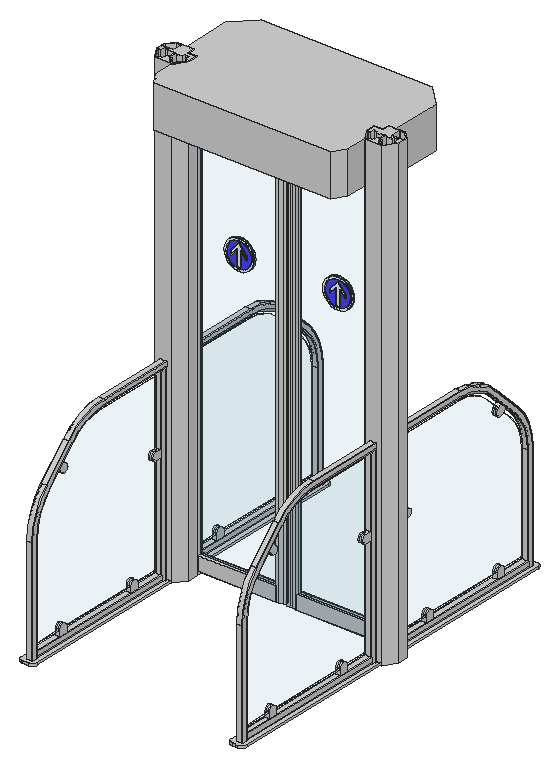
Revit family "ASSA_ABLOY_EL_Single", category Doors, Revit 2020 (continued)
Automatic sketch dimensions
  Extrusion 4 sketch curve to Extrusion 4 sketch curve = 97.172 mm
  curve 82 to curve 38 = 0.00 mm
  curve 38 to curve 83 = 0.00 mm
  curve 91 to curve 38 = 0.00 mm
  curve 83 to curve 38 = 19.042 mm
  curve 38 to curve 82 = 11.041 mm
  curve 38 to curve 91 = 11.041 mm
  curve 79 to curve 26 = 15.00 mm
  curve 78 to curve 1 = 6.897 mm
  curve 78 to curve 38 = 11.041 mm
  curve 78 to curve 78 = 846.634 mm
  curve 78 to curve 81 = 0.00 mm
  curve 80 to curve 81 = 0.002 mm
  curve 80 to curve 79 = 0.00 mm
  curve 81 to curve 81 = 3.001 mm
  curve 6 to curve 16 = 0.00 mm
  curve 9 to curve 10 = 9.50 mm
  curve 82 to curve 91 = 846.634 mm
  curve 91 to curve 88 = 0.00 mm
  curve 88 to curve 90 = 0.002 mm
  curve 89 to curve 90 = 0.00 mm
  curve 88 to curve 88 = 3.001 mm
  curve 86 to curve 38 = 11.00 mm
  curve 87 to curve 86 = 347.716 mm
  curve 82 to curve 86 = 0.00 mm
  curve 86 to curve 85 = 0.002 mm
  curve 85 to curve 83 = 0.00 mm
  curve 85 to curve 85 = 2.999 mm
  curve 38 to curve 79 = 19.042 mm
  curve 83 to curve 85 = 0.042 mm
  curve 79 to curve 80 = 0.042 mm
  curve 90 to curve 89 = 0.042 mm
  curve 80 to curve 77 = 2.958 mm
  curve 85 to curve 84 = 2.958 mm
  curve 89 to curve 87 = 2.958 mm
  curve 88 to curve 91 = 3.042 mm
  curve 86 to curve 86 = 3.001 mm
  curve 81 to curve 78 = 3.042 mm
  curve 81 to curve 77 = 0.042 mm
  curve 88 to curve 88 = 0.042 mm
  curve 93 to curve 60 = 6.897 mm
  curve 92 to curve 42 = 15.00 mm
  curve 39 to curve 96 = 11.00 mm
  curve 96 to curve 93 = 846.634 mm
  curve 96 to curve 93 = 0.00 mm
  curve 95 to curve 96 = 0.002 mm
  curve 92 to curve 95 = 0.00 mm
  curve 95 to curve 95 = 2.999 mm
  curve 39 to curve 106 = 0.21 mm
  curve 39 to curve 97 = 0.21 mm
  curve 98 to curve 106 = 0.00 mm
  curve 105 to curve 97 = 0.00 mm
  curve 39 to curve 103 = 7.998 mm
  curve 98 to curve 103 = 846.634 mm
  curve 103 to curve 106 = 0.00 mm
  curve 103 to curve 104 = 0.002 mm
  curve 105 to curve 104 = 0.00 mm
  curve 103 to curve 103 = 3.001 mm
  curve 39 to curve 101 = 7.998 mm
  curve 102 to curve 101 = 347.716 mm
  curve 101 to curve 98 = 0.00 mm
  curve 101 to curve 97 = 0.002 mm
  curve 97 to curve 100 = 0.00 mm
  curve 101 to curve 101 = 3.001 mm
  curve 39 to curve 93 = 11.041 mm
  curve 106 to curve 103 = 3.042 mm
  curve 98 to curve 101 = 3.042 mm
  curve 98 to curve 101 = 0.041 mm
  curve 106 to curve 103 = 0.041 mm
  curve 96 to curve 96 = 2.959 mm
  curve 104 to curve 39 = 16.001 mm
  curve 100 to curve 39 = 16.001 mm
  curve 95 to curve 39 = 16.001 mm
  curve 104 to curve 102 = 0.041 mm
  curve 95 to curve 95 = 0.041 mm
  curve 100 to curve 99 = 0.041 mm
  curve 95 to curve 92 = 0.042 mm
  curve 104 to curve 105 = 0.042 mm
  curve 97 to curve 105 = 0.00 mm
  plane 1 "Entry" to Extrusion 47 sketch curve = 155.03 mm
  Extrusion 47 sketch curve to Extrusion 47 sketch curve = 13.25 mm
  Extrusion 48 sketch curve to plane 15 = 349.10 mm
  Extrusion 48 sketch curve to Extrusion 48 sketch curve = 23.33 mm
Nested families
  nested 1: "Panel" at (-473.1, 0, 0), type "Left"
    with PanelWidth 473.10 mm, OpeningRotationAngle 0.00°, Exit yes
  nested 2: "Panel" at (473.1, 0, 0) x (-1, 0, 0) z (0, 0, 1), type "Right"
    with RightPanel yes, PanelWidth 473.10 mm, OpeningRotationAngle 0.00°, LeftPanel no, Exit yes
  nested 3: "Extended" at (0, 0, 0), visible <- "Extended", type "Extended"
    with PassageWidth 900.00 mm, PanelWidth 442.75 mm
Definition of nested family "Panel"
  Parameters
    Width = 0.00 mm
    URL = ""
    Type Comments = ""
    Thickness = 0.00 mm
    Rubber = none
    Rough Width = 0.00 mm
    Rough Height = 0.00 mm
    RightPanel = no
    PassageHeight = 2150.00 mm
    PanelWidth = 449.75 mm
    PanelGlass = none
    Operation = "Automatic"
    OpeningRotationAngle = 45.00°
    Model = ""
    Manufacturer = ""
    LeftPanel = not(RightPanel)  # yes
    Keynote = ""
    Height = 0.00 mm
    Function = (empty or 0)
    Frames = none
    Exit = no
    Entry = yes
    Description = ""
    Default Elevation = 1219.20 mm
    Cost = 0
    Construction Type = ""
    Assembly Code = ""
  Reference planes
    plane 1 "Center (Front/Back)": y = 0
    plane 2: z = 0
    plane 3 "Center (Left/Right)": x = 0
    plane 4 "Top": z = 2150
    plane 5: z = 2143
    plane 6: z = 20
    plane 7 "Exit": y = 8
    plane 8: z = 2114
    plane 9: z = 49
  Forms (mm)
    Sweep 1, solid, material <- "Frames"
      path origin (0, 0, 0) x (0.707107, 0.707107, 0) y (0, 0, 1)
        loop
          line (0, 2150) -> (0, 0)
      profile origin (0, 0, 1075) x (0.707107, -0.707107, 0) y (0.707107, 0.707107, 0)
        loop
          arc (-15, 13.229) -> (0, -20) -> (15, 13.229) r 20
          line (15, 13.229) -> (15, 23) -> (2, 23) -> (2, 11.4) -> (-12, 11.4) -> (-12, 23) -> (-15, 23) -> (-15, 13.229)
    Sweep 2, solid, material <- "Frames", visible <- "LeftPanel"
      path origin (0, 0, 0) x (0.707107, 0.707107, 0) y (0, 0, 1)
        loop
          line (449.75, 2143) -> (449.75, 20)
      profile origin (318.021, 318.021, 1081.5) x (0.707107, -0.707107, 0) y (0.707107, 0.707107, 0)
        loop
          line (-12, -39.05) -> (1.998, -39.05) -> (1.998, -50.643) -> (14.998, -50.643) -> (14.998, -35.65) -> (11.459, -13.245) -> (4, -7.655) -> (4, 7.349) -> (-4.002, 7.349) -> (-4.002, -7.655) -> (-11.461, -13.245) -> (-15.001, -35.65) -> (-15.001, -50.643) -> (-12, -50.643) -> (-12, -39.05)
    Sweep 3, solid, material <- "Frames"
      path origin (0, 0, 0) x (0.707107, 0.707107, 0) y (-0.707107, 0.707107, 0)
        loop
          line (399.107, 0) -> (23, 0)
      profile origin (149.237, 149.237, 0) x (0.707107, -0.707107, 0) y (0, 0, 1)
        loop
          line (-15, 90) -> (-15, 20) -> (-12, 20) -> (-12, 33) -> (12, 33) -> (12, 20) -> (15, 20) -> (15, 90) -> (2, 90) -> (2, 45.4) -> (-12, 45.4) -> (-12, 90) -> (-15, 90)
    Sweep 4, solid, material <- "Rubber"
      path origin (0, 0, 0) x (0.707107, 0.707107, 0) y (-0.707107, 0.707107, 0)
        loop
          line (399.107, 0) -> (33.008, 0)
      profile origin (152.776, 152.776, 0) x (0.707107, -0.707107, 0) y (0, 0, 1)
        loop
          line (-12, 20) -> (-1.235, 20) -> (-0.472, 7) -> (0.472, 7) -> (1.235, 20) -> (12, 20) -> (12, 30.5) -> (0, 30.5) -> (-12, 30.5) -> (-12, 20)
    Sweep 5, solid, material <- "Frames"
      path origin (0, 0, 2150) x (0.707107, -0.707107, 0) y (0.707107, 0.707107, 0)
        loop
          line (0, 399.107) -> (0, 23)
      profile origin (149.237, 149.237, 2150) x (0.707107, -0.707107, 0) y (0, 0, 1)
        loop
          line (-15, -77) -> (-12, -77) -> (-12, -32.4) -> (2, -32.4) -> (2, -77) -> (15, -77) -> (15, -7) -> (12, -7) -> (12, -20) -> (-12, -20) -> (-12, -7) -> (-15, -7) -> (-15, -77)
    Extrusion 6, solid, material <- "PanelGlass"
      sketch origin (0, 0, 0) x (0.707107, 0.707107, 0) y (-0.707107, 0.707107, 0)
        loop
          line (407.1, 0) -> (407.1, 8) -> (15, 8) -> (15, 0) -> (407.1, 0)
      from 49 to 2114
    Sweep 7, solid, visible <- "Entry"
      path origin (0, 0, 0) x (0.707107, 0.707107, 0) y (-0.707107, 0.707107, 0)
        loop
          line (211.053, 0) -> (211.053, -1.002)
      profile origin (149.592, 148.883, 0) x (0.707107, 0.707107, 0) y (0, 0, 1)
        loop
          circle (0, 1520) r 75
        loop
          circle (0, 1520) r 65
        loop
          line (10, 1465) -> (10, 1543.636) -> (40, 1507.883) -> (40, 1527.33) -> (0, 1575) -> (-40, 1527.33) -> (-40, 1507.883) -> (-10, 1543.636) -> (-10, 1465) -> (10, 1465)
    Sweep 8, solid, visible <- "Exit"
      path origin (0, 0, 0) x (0.707107, 0.707107, 0) y (-0.707107, 0.707107, 0)
        loop
          line (211.053, 9) -> (211.053, 8)
      profile origin (143.227, 155.248, 0) x (0.707107, 0.707107, 0) y (0, 0, 1)
        loop
          circle (0, 1520) r 75
        loop
          circle (0, 1520) r 65
        loop
          line (55, 1530) -> (-55, 1530) -> (-55, 1510) -> (55, 1510) -> (55, 1530)
    Sweep 9, solid, visible <- "Entry"
      path origin (0, 0, 0) x (0.707107, 0.707107, 0) y (-0.707107, 0.707107, 0)
        loop
          line (211.053, 0) -> (211.053, -1.002)
      profile origin (149.592, 148.883, 0) x (0.707107, 0.707107, 0) y (0, 0, 1)
        loop
          circle (0, 1520) r 65
        loop
          line (10, 1465) -> (10, 1543.636) -> (40, 1507.883) -> (40, 1527.33) -> (0, 1575) -> (-40, 1527.33) -> (-40, 1507.883) -> (-10, 1543.636) -> (-10, 1465) -> (10, 1465)
    Sweep 10, solid, visible <- "Exit"
      path origin (0, 0, 0) x (0.707107, 0.707107, 0) y (-0.707107, 0.707107, 0)
        loop
          line (211.053, 9) -> (211.053, 8)
      profile origin (143.227, 155.248, 0) x (0.707107, 0.707107, 0) y (0, 0, 1)
        loop
          circle (0, 1520) r 65
        loop
          line (55, 1530) -> (-55, 1530) -> (-55, 1510) -> (55, 1510) -> (55, 1530)
    Sweep 11, solid, material <- "Frames", visible <- "RightPanel"
      path origin (0, 0, 0) x (0.707107, 0.707107, 0) y (0, 0, 1)
        loop
          line (449.75, 2143) -> (449.75, 20)
      profile origin (318.021, 318.021, 1081.5) x (0.707107, -0.707107, 0) y (0.707107, 0.707107, 0)
        loop
          line (-12.001, -39.05) -> (1.998, -39.05) -> (1.998, -50.643) -> (14.998, -50.643) -> (14.998, -35.65) -> (11.997, -16.65) -> (11.997, -2.65)
          arc (11.997, -2.65) -> (9.768, 2.472) -> (4.5, 4.332) r 7
          line (4.5, 4.332) -> (4.5, -14.15) -> (-4.5, -14.15) -> (-4.5, 4.332)
          arc (-4.5, 4.332) -> (-9.769, 2.473) -> (-11.999, -2.65) r 7
          line (-11.999, -2.65) -> (-11.999, -16.65) -> (-15.001, -35.65) -> (-15.001, -50.643) -> (-12.001, -50.643) -> (-12.001, -39.05)
  Lines and regions (mm)
    Masking region 1
      outline origin (0, 0, 0) x (0.707107, 0.707107, 0) y (-0.707107, 0.707107, 0)
        loop
          arc (13.229, 15) -> (-20, 0) -> (13.229, -15) r 20
          line (13.229, -15) -> (23, -15) -> (23, 15) -> (13.229, 15)
    Masking region 2
      outline origin (0, 0, 0) x (0.707107, 0.707107, 0) y (-0.707107, 0.707107, 0)
        loop
          line (23, -15) -> (399.107, -15) -> (399.107, 15) -> (23, 15) -> (23, -15)
    Masking region 3, visible <- "LeftPanel", detail levels fine
      outline origin (0, 0, 0) x (0.707107, 0.707107, 0) y (-0.707107, 0.707107, 0)
        loop
          line (399.107, -14.998) -> (414.1, -14.998) -> (436.505, -11.459) -> (442.095, -4) -> (457.099, -4) -> (457.099, 4.002) -> (442.095, 4.002) -> (436.505, 11.461) -> (414.1, 15.001) -> (399.107, 15.001) -> (399.107, -14.998)
    Masking region 4, visible <- "RightPanel", detail levels fine
      outline origin (0, 0, 0) x (0.707107, 0.707107, 0) y (-0.707107, 0.707107, 0)
        loop
          line (414.1, -14.998) -> (433.1, -11.997) -> (447.1, -11.997)
          arc (447.1, -11.997) -> (452.222, -9.768) -> (454.082, -4.5) r 7
          line (454.082, -4.5) -> (435.6, -4.5) -> (435.6, 4.5) -> (454.082, 4.5)
          arc (454.082, 4.5) -> (452.223, 9.769) -> (447.1, 11.999) r 7
          line (447.1, 11.999) -> (433.1, 11.999) -> (414.1, 15.001) -> (399.107, 15.001) -> (399.107, -14.998) -> (414.1, -14.998)
    Masking region 5, detail levels medium
      outline origin (0, 0, 0) x (0.707107, 0.707107, 0) y (-0.707107, 0.707107, 0)
        loop
          line (449.75, -11.997) -> (449.75, 11.999) -> (433.1, 11.999) -> (414.1, 15.001) -> (399.107, 15.001) -> (399.107, -14.998) -> (414.1, -14.998) -> (433.1, -11.997) -> (449.75, -11.997)
    Masking region 6, detail levels coarse
      outline origin (0, 0, 0) x (0.707107, 0.707107, 0) y (-0.707107, 0.707107, 0)
        loop
          line (399.107, -14.998) -> (449.75, -14.998) -> (449.75, 15.001) -> (399.107, 15.001) -> (399.107, -14.998)
    reference lines
      curve 1: line (0, 0, 0) -> (353.553, 353.553, 0)
      curve 2: line (-5.657, 5.657, 0) -> (347.897, 359.21, 0)
      curve 3: line (318.021, 318.021, 0) -> (318.021, 318.021, 27.063)
      curve 4: line (291.399, 291.399, 0) -> (291.399, 291.399, 37.698)
      curve 5: line (287.863, 287.863, 0) -> (287.863, 287.863, 37.698)
      curve 6: line (282.211, 282.211, 0) -> (282.211, 282.211, 37.698)
      curve 7: line (149.237, 149.237, 0) -> (149.237, 149.237, 40)
      curve 8: line (21.567, 21.567, 0) -> (21.567, 21.567, 40)
      curve 9: line (16.263, 16.263, 0) -> (16.263, 16.263, 40)
      curve 10: line (10.607, 10.607, 0) -> (10.607, 10.607, 40)
      curve 11: line (0, 0, 0) -> (0, 0, 40)
      curve 12: line (291.399, 291.399, 0) -> (285.742, 297.056, 0)
      curve 13: line (287.863, 287.863, 0) -> (282.206, 293.52, 0)
      curve 14: line (282.211, 282.211, 0) -> (276.554, 287.868, 0)
      curve 15: line (149.237, 149.237, 0) -> (143.58, 154.894, 0)
      curve 16: line (21.567, 21.567, 0) -> (15.91, 27.224, 0)
      curve 17: line (16.263, 16.263, 0) -> (10.607, 21.92, 0)
      curve 18: line (10.607, 10.607, 0) -> (4.95, 16.263, 0)
      curve 19: line (0, 0, 2150) -> (353.553, 353.553, 2150)
      curve 20: line (318.021, 318.021, 0) -> (312.364, 323.678, 0)
    symbolic lines, detail levels medium+fine
      curve 21: line (291.822, 288.996, 0) -> (283.624, 280.798, 0)
      curve 22: line (281.923, 298.894, 0) -> (291.822, 288.996, 0)
      curve 23: line (273.725, 290.697, 0) -> (281.923, 298.894, 0)
      curve 24: line (7.778, 24.749, 0) -> (273.726, 290.696, 0)
      curve 25: line (283.625, 280.797, 0) -> (17.678, 14.849, 0)
      curve 26: line (17.678, 14.849, 0) -> (9.475, 6.647, 0)
      curve 27: line (9.475, 6.647, 0) -> (-0.424, 16.546, 0)
      curve 28: line (-0.424, 16.546, 0) -> (7.778, 24.749, 0)
      curve 33: line (283.624, 280.798, 0) -> (292.816, 271.606, 0)
      curve 34: line (271.604, 292.818, 0) -> (273.725, 290.697, 0)
      curve 35: line (26.87, 5.657, 0) -> (17.678, 14.849, 0)
      curve 36: line (7.778, 24.749, 0) -> (5.657, 26.87, 0)
    symbolic lines, detail levels fine
      curve 29: line (4.95, 16.263, 0) -> (10.607, 10.607, 0)
      curve 30: line (10.607, 10.607, 0) -> (287.863, 287.863, 0)
      curve 31: line (282.206, 293.52, 0) -> (4.95, 16.263, 0)
      curve 32: line (287.863, 287.863, 0) -> (282.206, 293.52, 0)
  Dimensions and locks
    "PassageHeight": plane 4 "Top" to plane 2
    locked: plane 4 "Top" to plane 5 at 7
    locked: plane 4 "Top" to plane 8 at 36
    curve 8 to curve 9 to curve 10 to curve 11 = 7.50 mm locked, 8.00 mm locked, 15.00 mm locked
    curve 3 to curve 4 to curve 5 to curve 6 = 37.65 mm locked, 5.00 mm locked, 7.993 mm locked
    equal spacing: curve 6, curve 7, curve 9
    "PanelWidth": curve 3 to curve 11
    "PassageHeight": curve 19 to curve 1
    "OpeningRotationAngle": angle plane 1 "Center (Front/Back)" to curve 1
    aligned and locked: level to plane 2
    aligned and locked: plane 4 "Top" to Sweep 1 sketch curve
    aligned and locked: level to Sweep 1 sketch curve
    aligned and locked: plane 5 to Sweep 2 sketch curve
    aligned and locked: plane 6 to Sweep 2 sketch curve
    aligned and locked: plane 8 to Extrusion 6
    aligned and locked: Extrusion 6 to plane 9
    aligned and locked: plane 3 "Center (Left/Right)" to curve 1
    aligned and locked: plane 1 "Center (Front/Back)" to curve 1
    aligned and locked: Sweep 3 sketch curve to curve 1
    aligned and locked: Sweep 5 sketch curve to curve 1
    aligned and locked: Sweep 1 sketch curve to curve 11
    aligned and locked: Sweep 4 sketch curve to curve 1
    aligned and locked: Sweep 2 sketch curve to curve 3
    aligned and locked: Sweep 3 sketch curve to curve 14
    aligned and locked: Sweep 3 sketch curve to curve 17
    aligned and locked: Extrusion 6 to curve 5
    aligned and locked: Sweep 7 sketch curve to curve 15
    aligned and locked: Sweep 9 sketch curve to curve 15
    aligned and locked: Sweep 8 sketch curve to curve 15
    aligned and locked: Sweep 10 sketch curve to curve 15
    aligned and locked: Sweep 11 sketch curve to curve 3
    aligned and locked: plane 6 to Sweep 11 sketch curve
    aligned and locked: plane 5 to Sweep 11 sketch curve
    aligned and locked: Sweep 5 sketch curve to curve 14
    aligned and locked: Sweep 4 sketch curve to curve 14
    aligned and locked: Masking region 1 sketch curve to Sweep 1  (x3)
    aligned and locked: Masking region 2 sketch curve to Sweep 3  (x2)
    aligned and locked: Masking region 2 sketch curve to curve 17
    aligned and locked: Masking region 2 sketch curve to curve 14
    aligned and locked: Masking region 1 sketch curve to curve 17
    aligned and locked: Masking region 3 sketch curve to curve 14
    aligned and locked: Masking region 3 sketch curve to Sweep 2  (x9)
    aligned and locked: Masking region 4 sketch curve to Sweep 11  (x10)
    aligned and locked: Masking region 4 sketch curve to curve 14
    aligned and locked: Masking region 5 sketch curve to curve 20
    aligned and locked: Masking region 5 sketch curve to Sweep 11  (x6)
    aligned and locked: Masking region 5 sketch curve to curve 14
    aligned and locked: Masking region 6 sketch curve to curve 14
    aligned and locked: Masking region 6 sketch curve to Sweep 11  (x2)
    aligned and locked: Masking region 6 sketch curve to curve 20
    aligned and locked: curve 21 to Sweep 11
    aligned and locked: curve 22 to Sweep 11
    aligned and locked: curve 23 to Sweep 11
    aligned and locked: curve 24 to Sweep 3
    aligned and locked: curve 25 to Sweep 3
    aligned and locked: curve 26 to Sweep 1
    aligned and locked: curve 27 to Sweep 1
    aligned and locked: curve 28 to Sweep 1
    aligned and locked: curve 29 to Extrusion 6
    aligned and locked: curve 30 to Extrusion 6
    aligned and locked: curve 31 to Extrusion 6
    aligned and locked: curve 32 to Extrusion 6
    aligned and locked: curve 33 to Sweep 11
    aligned and locked: curve 34 to Sweep 11
    aligned and locked: curve 35 to Sweep 1
    aligned and locked: curve 36 to Sweep 1
  Automatic sketch dimensions
    Sweep 4 sketch curve to profile plane = 0.00 mm
    profile plane to Sweep 4 sketch curve = 0.472 mm
    Sweep 4 sketch curve to profile plane = 1.235 mm
    level to Sweep 4 sketch curve = 7.00 mm
    Sweep 4 sketch curve to Sweep 4 sketch curve = 0.00 mm
    Sweep 4 sketch curve to Sweep 4 sketch curve = 10.50 mm
    Sweep 4 sketch curve to profile plane = 0.472 mm
    profile plane to Sweep 4 sketch curve = 1.235 mm
    Sweep 4 sketch curve to Sweep 4 sketch curve = 10.765 mm  (x2)
    Sweep 4 sketch curve to Sweep 4 sketch curve = 13.00 mm
    profile plane to Sweep 3 sketch curve = 15.00 mm
    Sweep 3 sketch curve to Sweep 3 sketch curve = 3.00 mm  (x3)
    Sweep 3 sketch curve to profile plane = 2.00 mm
    Sweep 3 sketch curve to profile plane = 12.00 mm
    level to Sweep 3 sketch curve = 20.00 mm  (x2)
    Sweep 3 sketch curve to Sweep 3 sketch curve = 13.00 mm
    Sweep 3 sketch curve to Sweep 3 sketch curve = 12.40 mm
    Sweep 3 sketch curve to Sweep 3 sketch curve = 44.60 mm
    Sweep 3 sketch curve to Sweep 3 sketch curve = 0.00 mm
    profile plane to Sweep 5 sketch curve = 15.00 mm
    Sweep 5 sketch curve to Sweep 5 sketch curve = 3.00 mm  (x3)
    Sweep 5 sketch curve to profile plane = 2.00 mm
    Sweep 5 sketch curve to profile plane = 12.00 mm
    Sweep 5 sketch curve to plane 4 "Top" = 77.00 mm
    Sweep 5 sketch curve to Sweep 5 sketch curve = 0.00 mm
    Sweep 5 sketch curve to plane 4 "Top" = 32.40 mm
    Sweep 5 sketch curve to Sweep 5 sketch curve = 12.40 mm
    Sweep 5 sketch curve to plane 4 "Top" = 7.00 mm  (x2)
    Sweep 7 sketch curve to Sweep 7 sketch curve = 0.00 mm  (x3)
    profile plane to Sweep 7 sketch curve = 0.00 mm  (x2)
    profile plane to Sweep 7 sketch curve = 10.00 mm
    Sweep 7 sketch curve to Sweep 7 sketch curve = 30.00 mm
    Sweep 7 sketch curve to profile plane = 10.00 mm
    Sweep 7 sketch curve to profile plane = 40.00 mm
    level to Sweep 7 sketch curve = 1465.00 mm
    Sweep 7 sketch curve to Sweep 7 sketch curve = 42.883 mm  (x2)
    Sweep 7 sketch curve to Sweep 7 sketch curve = 12.117 mm
    Sweep 7 sketch curve to Sweep 7 sketch curve = 19.447 mm  (x2)
    Sweep 7 sketch curve to Sweep 7 sketch curve = 23.636 mm
    Sweep 7 sketch curve to Sweep 7 sketch curve = 31.364 mm
    Sweep 8 sketch curve to Sweep 8 sketch curve = 0.00 mm  (x2)
    profile plane to Sweep 8 sketch curve = 0.00 mm
    Sweep 8 sketch curve to Sweep 8 sketch curve = 10.00 mm
    Sweep 8 sketch curve to Sweep 8 sketch curve = 20.00 mm
    profile plane to Sweep 8 sketch curve = 55.00 mm
    Sweep 8 sketch curve to profile plane = 55.00 mm
    level to Sweep 8 sketch curve = 1510.00 mm
    profile plane to Sweep 9 sketch curve = 0.00 mm  (x2)
    profile plane to Sweep 9 sketch curve = 10.00 mm
    profile plane to Sweep 9 sketch curve = 40.00 mm
    Sweep 9 sketch curve to profile plane = 10.00 mm
    Sweep 9 sketch curve to profile plane = 40.00 mm
    level to Sweep 9 sketch curve = 1465.00 mm
    Sweep 9 sketch curve to Sweep 9 sketch curve = 42.883 mm  (x2)
    Sweep 9 sketch curve to Sweep 9 sketch curve = 12.117 mm
    Sweep 9 sketch curve to Sweep 9 sketch curve = 19.447 mm  (x2)
    Sweep 9 sketch curve to Sweep 9 sketch curve = 0.00 mm
    Sweep 9 sketch curve to Sweep 9 sketch curve = 31.364 mm
    Sweep 9 sketch curve to Sweep 9 sketch curve = 23.636 mm
    profile plane to Sweep 10 sketch curve = 0.00 mm
    profile plane to Sweep 10 sketch curve = 55.00 mm
    Sweep 10 sketch curve to profile plane = 55.00 mm
    level to Sweep 10 sketch curve = 1510.00 mm
    Sweep 10 sketch curve to Sweep 10 sketch curve = 10.00 mm
    Sweep 10 sketch curve to Sweep 10 sketch curve = 20.00 mm
    curve 1 to Extrusion 6 sketch curve = 0.00 mm
    curve 1 to Extrusion 6 sketch curve = 15.00 mm
    Extrusion 6 sketch curve to curve 1 = 8.00 mm
    Extrusion 6 sketch curve to Extrusion 6 sketch curve = 392.10 mm
    curve 1 to Sweep 7 sketch curve = 0.00 mm
    curve 1 to Sweep 7 sketch curve = 1.002 mm
    Sweep 8 sketch curve to curve 1 = 8.00 mm
    Sweep 8 sketch curve to Sweep 8 sketch curve = 1.00 mm
    curve 1 to Sweep 9 sketch curve = 0.00 mm
    curve 1 to Sweep 9 sketch curve = 1.002 mm
    Sweep 10 sketch curve to curve 1 = 8.00 mm
    Sweep 10 sketch curve to Sweep 10 sketch curve = 1.00 mm
    curve 2 to curve 1 = 0.00 mm  (x2)
    curve 1 to curve 2 = 8.00 mm
    Sweep 1 sketch curve to profile plane = 0.00 mm
    profile plane to Sweep 1 sketch curve = 0.00 mm
    Sweep 1 sketch curve to profile plane = 12.00 mm
    Sweep 1 sketch curve to Sweep 1 sketch curve = 3.00 mm
    profile plane to Sweep 1 sketch curve = 2.00 mm
    Sweep 1 sketch curve to Sweep 1 sketch curve = 13.00 mm
    Sweep 1 sketch curve to profile plane = 11.40 mm
    Sweep 1 sketch curve to Sweep 1 sketch curve = 1.829 mm
    Sweep 1 sketch curve to Sweep 1 sketch curve = 9.771 mm  (x2)
    Sweep 2 sketch curve to profile plane = 15.001 mm
    Sweep 2 sketch curve to Sweep 2 sketch curve = 3.001 mm
    Sweep 2 sketch curve to profile plane = 11.461 mm
    Sweep 2 sketch curve to profile plane = 4.002 mm
    profile plane to Sweep 2 sketch curve = 1.998 mm
    profile plane to Sweep 2 sketch curve = 4.00 mm
    Sweep 2 sketch curve to Sweep 2 sketch curve = 7.459 mm
    Sweep 2 sketch curve to Sweep 2 sketch curve = 13.00 mm
    profile plane to Sweep 2 sketch curve = 50.643 mm
    Sweep 2 sketch curve to Sweep 2 sketch curve = 0.00 mm
    Sweep 2 sketch curve to Sweep 2 sketch curve = 11.593 mm
    Sweep 2 sketch curve to Sweep 2 sketch curve = 3.40 mm  (x2)
    profile plane to Sweep 2 sketch curve = 13.245 mm  (x2)
    profile plane to Sweep 2 sketch curve = 7.655 mm  (x2)
    Sweep 2 sketch curve to profile plane = 7.349 mm
    curve 1 to Sweep 4 sketch curve = 33.008 mm
    curve 4 to curve 12 = 0.00 mm
    curve 12 to curve 4 = 8.00 mm
    curve 12 to curve 4 = 0.00 mm
    curve 5 to curve 13 = 0.00 mm
    curve 13 to curve 5 = 8.00 mm
    curve 13 to curve 5 = 0.00 mm
    curve 6 to curve 14 = 0.00 mm
    curve 14 to curve 6 = 8.00 mm
    curve 14 to curve 6 = 0.00 mm
    curve 7 to curve 15 = 0.00 mm
    curve 15 to curve 7 = 8.00 mm
    curve 15 to curve 7 = 0.00 mm
    curve 8 to curve 16 = 0.00 mm
    curve 16 to curve 8 = 8.00 mm
    curve 16 to curve 8 = 0.00 mm
    curve 9 to curve 17 = 0.00 mm
    curve 17 to curve 9 = 8.00 mm
    curve 17 to curve 9 = 0.00 mm
    curve 10 to curve 18 = 0.00 mm
    curve 18 to curve 10 = 8.00 mm
    curve 18 to curve 10 = 0.00 mm
    Sweep 11 sketch curve to profile plane = 15.001 mm
    Sweep 11 sketch curve to Sweep 11 sketch curve = 3.00 mm
    profile plane to Sweep 11 sketch curve = 2.65 mm  (x2)
    Sweep 11 sketch curve to profile plane = 11.999 mm
    Sweep 11 sketch curve to profile plane = 4.999 mm
    Sweep 11 sketch curve to profile plane = 4.50 mm
    profile plane to Sweep 11 sketch curve = 1.998 mm
    profile plane to Sweep 11 sketch curve = 4.50 mm
    profile plane to Sweep 11 sketch curve = 4.997 mm
    Sweep 11 sketch curve to Sweep 11 sketch curve = 7.00 mm
    Sweep 11 sketch curve to Sweep 11 sketch curve = 13.00 mm
    Sweep 11 sketch curve to Sweep 11 sketch curve = 11.50 mm
    Sweep 11 sketch curve to Sweep 11 sketch curve = 2.50 mm  (x2)
    Sweep 11 sketch curve to Sweep 11 sketch curve = 19.00 mm  (x2)
    Sweep 11 sketch curve to Sweep 11 sketch curve = 3.40 mm
    Sweep 11 sketch curve to Sweep 11 sketch curve = 11.593 mm
    Sweep 11 sketch curve to Sweep 11 sketch curve = 14.993 mm
    curve 11 to curve 1 = 0.00 mm  (x2)
    curve 19 to curve 1 = 0.00 mm  (x2)
    curve 3 to curve 1 = 0.00 mm
    curve 4 to curve 1 = 0.00 mm
    curve 10 to curve 1 = 0.00 mm
    curve 5 to curve 1 = 0.00 mm
    curve 9 to curve 1 = 0.00 mm
    curve 6 to curve 1 = 0.00 mm
    curve 8 to curve 1 = 0.00 mm
    curve 7 to curve 1 = 0.00 mm
    curve 1 to curve 11 = 40.00 mm
    curve 3 to curve 1 = 27.063 mm
    curve 6 to curve 1 = 37.698 mm
    curve 5 to curve 6 = 0.00 mm
    curve 4 to curve 5 = 0.00 mm
    curve 7 to curve 1 = 40.00 mm
    curve 1 to curve 10 = 40.00 mm
    curve 9 to curve 10 = 0.00 mm
    curve 8 to curve 9 = 0.00 mm
    curve 19 to Sweep 5 sketch curve = 23.00 mm
    curve 3 to curve 20 = 0.00 mm
    curve 20 to curve 3 = 8.00 mm
    curve 20 to curve 3 = 0.00 mm
    curve 23 to curve 24 = 0.00 mm
    curve 21 to curve 25 = 0.00 mm
    curve 1 to curve 29 = 0.00 mm
    curve 27 to curve 29 = 3.60 mm
    curve 30 to curve 21 = 3.60 mm
    curve 29 to curve 27 = 4.00 mm
    curve 33 to curve 25 = 12.998 mm
    curve 23 to curve 34 = 3.00 mm
    curve 35 to curve 25 = 13.00 mm
    curve 36 to curve 36 = 3.00 mm
    radius of Sweep 7 sketch curve = 75.00 mm
    radius of Sweep 7 sketch curve = 65.00 mm
    radius of Sweep 8 sketch curve = 75.00 mm
    radius of Sweep 8 sketch curve = 65.00 mm
    radius of Sweep 9 sketch curve = 65.00 mm
    radius of Sweep 10 sketch curve = 65.00 mm
Definition of nested family "Extended"
  Parameters
    Width = 0.00 mm
    URL = ""
    Type Comments = ""
    Thickness = 0.00 mm
    Rough Width = 0.00 mm
    Rough Height = 0.00 mm
    PassageWidth = 899.50 mm
    PanelWidth = (PassageWidth / 2) - 7.25 mm  # 442.50 mm
    PanelGlass = none
    Operation = "Automatic"
    OpeningRotationAngle = if(OpenDoor, 90.00°, 0.00°)  # 0.00°
    OpenDoor = no
    Model = ""
    Manufacturer = ""
    Keynote = ""
    Height = 0.00 mm
    Function = 1
    Frames = none
    Fire Rating = ""
    Description = ""
    Cost = 0
    Construction Type = "Automatic Sliding Door"
    Assembly Code = ""
  Reference planes
    plane 1 "Entry": y = 0
    plane 2: z = 0
    plane 3 "Center (Left/Right)": x = 0
    plane 4 "Top": z = 2361
    plane 5 "PH": z = 2150
    plane 6: x = -449.75
    plane 7: x = 449.75
    plane 8 "Right": x = 527.8
    plane 9: x = 536
    plane 10 "Left": x = -527.8
    plane 11: x = -536
    plane 12: y = 9.35
    plane 13: y = 17.45
    plane 14: z = 70.9
    plane 15: z = 2130.9
    plane 16: y = 839.45
    plane 17: x = 485.75
    plane 18: x = -485.75
  Forms (mm)
    Extrusion 1, solid, material <- "Frames"
      sketch origin (0, 0, 0) x (1, 0, 0) y (0, 0, 1)
        loop
          line (495, 0) -> (569, 0) -> (569, 103)
          arc (569, 103) -> (567.828, 105.828) -> (565, 107) r 4
          line (565, 107) -> (499, 107)
          arc (499, 107) -> (496.172, 105.828) -> (495, 103) r 4
          line (495, 103) -> (495, 0)
      from -17.45 to -2016.45
    Extrusion 2, solid, material <- "Frames"
      sketch origin (-1063.8, 0, 0) x (1, 0, 0) y (0, 0, 1)
        loop
          line (495, 0) -> (569, 0) -> (569, 103)
          arc (569, 103) -> (567.828, 105.828) -> (565, 107) r 4
          line (565, 107) -> (499, 107)
          arc (499, 107) -> (496.172, 105.828) -> (495, 103) r 4
          line (495, 103) -> (495, 0)
      from -17.45 to -2016.45
    Extrusion 3, solid, material <- "Frames"
      sketch origin (0, 0, 0) x (1, 0, 0) y (0, 0, 1)
        loop
          line (448, 0) -> (616, 0) -> (616, 364)
          arc (616, 364) -> (614.828, 366.828) -> (612, 368) r 4
          line (612, 368) -> (452, 368)
          arc (452, 368) -> (449.172, 366.828) -> (448, 364) r 4
          line (448, 364) -> (448, 0)
      from -697.45 to -981.45
    Extrusion 4, solid, material <- "Frames"
      sketch origin (0, 0, 0) x (-1, 0, 0) y (0, 0, -1)
        loop
          line (448, 0) -> (448, -364)
          arc (448, -364) -> (449.172, -366.828) -> (452, -368) r 4
          line (452, -368) -> (612, -368)
          arc (612, -368) -> (614.828, -366.828) -> (616, -364) r 4
          line (616, -364) -> (616, 0) -> (448, 0)
      from -697.45 to -981.45
    Extrusion 5, solid, material <- "PanelGlass"
      sketch origin (527.8, 0, 0) x (0, -1, 0) y (0, 0, 1)
        loop
          line (-697.45, 107) -> (-17.45, 107) -> (-17.45, 1039) -> (-1878.45, 1039)
          arc (-1878.45, 1039) -> (-1949.161, 1009.711) -> (-1978.45, 939) r 100
          line (-1978.45, 939) -> (-1978.45, 107) -> (-981.45, 107) -> (-981.45, 368) -> (-697.45, 368) -> (-697.45, 107)
      from 1.9 to -10.1
    Extrusion 6, solid, material <- "PanelGlass"
      sketch origin (-527.8, 0, 0) x (0, -1, 0) y (0, 0, -1)
        loop
          line (-697.45, -107) -> (-697.45, -368) -> (-981.45, -368) -> (-981.45, -107) -> (-1978.45, -107) -> (-1978.45, -939)
          arc (-1978.45, -939) -> (-1949.161, -1009.711) -> (-1878.45, -1039) r 100
          line (-1878.45, -1039) -> (-17.45, -1039) -> (-17.45, -107) -> (-697.45, -107)
      from 1.9 to -10.1
    Extrusion 7, solid, material <- "Frames"
      sketch origin (612, 0, 368) x (-1, 0, 0) y (0, -1, 0)
        loop
          circle (126.25, -839.45) r 21.2
      from 0 to 570.5
    Extrusion 8, solid, material <- "Frames"
      sketch origin (-612, 0, 368) x (1, 0, 0) y (0, 1, 0)
        loop
          circle (126.25, 839.45) r 21.2
      from 0 to 570.5
    Extrusion 9, solid, material <- "Frames"
      sketch origin (-612, 0, 368) x (1, 0, 0) y (0, 1, 0)
        loop
          circle (126.25, 839.45) r 32.5
      from 0 to 43.5
    Extrusion 10, solid, material <- "Frames"
      sketch origin (612, 0, 368) x (-1, 0, 0) y (0, -1, 0)
        loop
          circle (126.25, -839.45) r 32.5
      from 0 to 43.5
    Sweep 11, solid, material <- "Frames"
      path origin (485.75, 839.45, 0) x (-1, 0, 0) y (0, 0, 1)
        loop
          line (0, 909.9) -> (367.5, 909.9)
          arc (367.5, 909.9) -> (420.533, 887.933) -> (442.5, 834.9) r 75
          line (442.5, 834.9) -> (442.5, 724.9)
          arc (442.5, 724.9) -> (420.533, 671.867) -> (367.5, 649.9) r 75
          line (367.5, 649.9) -> (0, 649.9)
      profile origin (302, 839.45, 909.9) x (0, 0, 1) y (0, 1, 0)
        loop
          circle (0, 0) r 15
    Extrusion 12, solid, material <- "Frames"
      sketch origin (485.75, 839.45, 0) x (-1, 0, 0) y (0, 0, 1)
        loop
          line (80, 664.9) -> (320, 664.9) -> (320, 894.9) -> (80, 894.9) -> (80, 664.9)
      from -1 to 1
    Extrusion 13, solid
      sketch origin (485.75, 839.45, 0) x (-1, 0, 0) y (0, 0, 1)
        loop
          line (190.004, 727.779) -> (209.996, 727.779) -> (209.996, 806.413) -> (239.982, 770.663) -> (239.982, 790.109) -> (200.002, 837.773) -> (160.018, 790.121) -> (160.018, 770.676) -> (190.004, 806.413) -> (190.004, 727.779)
        loop
          circle (200.002, 782.775) r 75
        loop
          circle (200.002, 782.775) r 65
      from -1 to -3
    Extrusion 14, solid
      sketch origin (485.75, 839.45, 0) x (-1, 0, 0) y (0, 0, 1)
        loop
          circle (200.002, 782.775) r 65
        loop
          line (190.004, 727.779) -> (209.996, 727.779) -> (209.996, 806.413) -> (239.982, 770.663) -> (239.982, 790.109) -> (200.002, 837.773) -> (160.018, 790.121) -> (160.018, 770.676) -> (190.004, 806.413) -> (190.004, 727.779)
      from -1 to -3
    Extrusion 15, solid
      sketch origin (485.75, 839.45, 0) x (-1, 0, 0) y (0, 0, 1)
        loop
          circle (200.002, 782.775) r 75
        loop
          circle (200.002, 782.775) r 65
        loop
          line (145.003, 792.772) -> (145.003, 772.78) -> (254.999, 772.78) -> (254.999, 792.772) -> (145.003, 792.772)
      from 1 to 3
    Extrusion 16, solid
      sketch origin (485.75, 839.45, 0) x (-1, 0, 0) y (0, 0, 1)
        loop
          circle (200.002, 782.775) r 65
        loop
          line (145.003, 772.78) -> (254.999, 772.78) -> (254.999, 792.772) -> (145.003, 792.772) -> (145.003, 772.78)
      from 1 to 3
    Sweep 17, solid, material <- "Frames"
      path origin (-485.75, 839.45, 0) x (1, 0, 0) y (0, 0, 1)
        loop
          line (0, 909.9) -> (367.5, 909.9)
          arc (367.5, 909.9) -> (420.533, 887.933) -> (442.5, 834.9) r 75
          line (442.5, 834.9) -> (442.5, 724.9)
          arc (442.5, 724.9) -> (420.533, 671.867) -> (367.5, 649.9) r 75
          line (367.5, 649.9) -> (0, 649.9)
      profile origin (-302, 839.45, 909.9) x (0, 0, 1) y (0, -1, 0)
        loop
          circle (0, 0) r 15
    Extrusion 18, solid, material <- "Frames"
      sketch origin (-485.75, 839.45, 0) x (1, 0, 0) y (0, 0, 1)
        loop
          line (80, 664.9) -> (320, 664.9) -> (320, 894.9) -> (80, 894.9) -> (80, 664.9)
      from -1 to 1
    Extrusion 19, solid
      sketch origin (-485.75, 839.45, 0) x (1, 0, 0) y (0, 0, 1)
        loop
          line (190.004, 727.779) -> (209.996, 727.779) -> (209.996, 806.413) -> (239.982, 770.663) -> (239.982, 790.109) -> (200.002, 837.773) -> (160.018, 790.121) -> (160.018, 770.676) -> (190.004, 806.413) -> (190.004, 727.779)
        loop
          circle (200.002, 782.775) r 75
        loop
          circle (200.002, 782.775) r 65
      from 3 to 1
    Extrusion 20, solid
      sketch origin (-485.75, 839.45, 0) x (1, 0, 0) y (0, 0, 1)
        loop
          circle (200.002, 782.775) r 65
        loop
          line (190.004, 727.779) -> (209.996, 727.779) -> (209.996, 806.413) -> (239.982, 770.663) -> (239.982, 790.109) -> (200.002, 837.773) -> (160.018, 790.121) -> (160.018, 770.676) -> (190.004, 806.413) -> (190.004, 727.779)
      from 3 to 1
    Extrusion 21, solid
      sketch origin (-485.75, 839.45, 0) x (1, 0, 0) y (0, 0, 1)
        loop
          circle (200.002, 782.775) r 75
        loop
          circle (200.002, 782.775) r 65
        loop
          line (145.003, 792.772) -> (145.003, 772.78) -> (254.999, 772.78) -> (254.999, 792.772) -> (145.003, 792.772)
      from -3 to -1
    Extrusion 22, solid
      sketch origin (-485.75, 839.45, 0) x (1, 0, 0) y (0, 0, 1)
        loop
          circle (200.002, 782.775) r 65
        loop
          line (145.003, 772.78) -> (254.999, 772.78) -> (254.999, 792.772) -> (145.003, 792.772) -> (145.003, 772.78)
      from -3 to -1
  Cuts and joins
    joined: Extrusion 1, Extrusion 3
    joined: Extrusion 2, Extrusion 4
    joined: Extrusion 8, Extrusion 9, Sweep 17
    joined: Extrusion 7, Extrusion 10, Sweep 11
  Lines and regions (mm)
    Masking region 1
      outline origin (-536, 0, 0) x (0, 1, 0) y (-1, 0, 0)
        loop
          line (17.45, 32.8) -> (17.45, -41.2) -> (697.45, -41.2) -> (697.45, -88) -> (981.45, -88) -> (981.45, -41.2) -> (2016.45, -41.2) -> (2016.45, 32.8) -> (981.45, 32.8) -> (981.45, 80) -> (697.45, 80) -> (697.45, 32.8) -> (17.45, 32.8)
    Masking region 2
      outline origin (536, 0, 0) x (0, 1, 0) y (-1, 0, 0)
        loop
          line (17.45, 41) -> (17.45, -33) -> (697.45, -33) -> (697.45, -80) -> (981.45, -80) -> (981.45, -33) -> (2016.45, -33) -> (2016.45, 41) -> (981.45, 41) -> (981.45, 88) -> (697.45, 88) -> (697.45, 41) -> (17.45, 41)
    reference lines
      curve 1: line (-536, 0, 0) -> (-536, 17.45, 0)
      curve 2: line (536, 0, 0) -> (536, 17.45, 0)
      curve 3: line (485.75, 839.45, 0) -> (135.75, 839.45, 0)
      curve 4: line (485.75, 839.45, 0) -> (485.75, 839.45, 100)
      curve 5: line (-485.75, 839.45, 0) -> (-135.75, 839.45, 0)
      curve 6: line (-485.75, 839.45, 0) -> (-485.75, 839.45, 100)
    symbolic lines, detail levels medium+fine
      curve 7: line (-525.9, 1978.45, 0) -> (-537.9, 1978.45, 0)
      curve 8: line (-537.9, 1978.45, 0) -> (-537.9, 17.45, 0)
      curve 9: line (-525.9, 17.45, 0) -> (-525.9, 1978.45, 0)
      curve 10: line (-568.8, 697.45, 0) -> (-537.9, 697.45, 0)
      curve 11: line (-525.9, 697.45, 0) -> (-495, 697.45, 0)
      curve 12: line (-568.8, 981.45, 0) -> (-537.9, 981.45, 0)
      curve 13: line (-525.9, 981.45, 0) -> (-495, 981.45, 0)
      curve 14: line (525.9, 1978.45, 0) -> (525.9, 17.45, 0)
      curve 15: line (537.9, 17.45, 0) -> (537.9, 1978.45, 0)
      curve 16: line (537.9, 1978.45, 0) -> (525.9, 1978.45, 0)
      curve 17: line (525.9, 981.45, 0) -> (495, 981.45, 0)
      curve 18: line (569, 981.45, 0) -> (537.9, 981.45, 0)
      curve 19: line (495, 697.45, 0) -> (525.9, 697.45, 0)
      curve 20: line (537.9, 697.45, 0) -> (569, 697.45, 0)
    symbolic lines, detail levels fine
      curve 21: arc (-518.25, 839.45, 0) -> (-485.75, 806.95, 0) -> (-453.25, 839.45, 0) r 32.5
      curve 22: arc (-453.25, 839.45, 0) -> (-485.75, 871.95, 0) -> (-518.25, 839.45, 0) r 32.5
      curve 23: arc (-506.95, 839.45, 0) -> (-485.75, 818.25, 0) -> (-464.55, 839.45, 0) r 21.2
      curve 24: arc (-464.55, 839.45, 0) -> (-485.75, 860.65, 0) -> (-506.95, 839.45, 0) r 21.2
      curve 25: arc (453.25, 839.45, 0) -> (485.75, 806.95, 0) -> (518.25, 839.45, 0) r 32.5
      curve 26: arc (518.25, 839.45, 0) -> (485.75, 871.95, 0) -> (453.25, 839.45, 0) r 32.5
      curve 27: arc (464.55, 839.45, 0) -> (485.75, 818.25, 0) -> (506.95, 839.45, 0) r 21.2
      curve 28: arc (506.95, 839.45, 0) -> (485.75, 860.65, 0) -> (464.55, 839.45, 0) r 21.2
  Dimensions and locks
    plane 5 "PH" to plane 2 = 2150.00 mm
    plane 4 "Top" to plane 5 "PH" = 211.00 mm
    equal spacing: plane 6, plane 3 "Center (Left/Right)", plane 7
    "PassageWidth": plane 6 to plane 7
    locked: plane 8 "Right" to plane 9 at 8.2
    locked: plane 10 "Left" to plane 11 at 8.2
    locked: plane 1 "Entry" to plane 12 at 9.35
    locked: plane 12 to plane 13 at 8.1
    locked: plane 5 "PH" to plane 15 at 19.1
    locked: Extrusion 1 sketch curve to plane 8 "Right" at 32.8
    locked: plane 9 to Extrusion 1 sketch curve at 33
    locked: plane 11 to Extrusion 2 sketch curve at 32.8
    locked: Extrusion 2 sketch curve to plane 10 "Left" at 33
    locked: Extrusion 3 sketch curve to plane 8 "Right" at 79.8
    locked: plane 9 to Extrusion 3 sketch curve at 80
    locked: plane 7 to plane 8 "Right" at 78.05
    locked: plane 10 "Left" to plane 6 at 78.05
    locked: plane 7 to plane 17 at 36
    locked: plane 6 to plane 18 at 36
    "PanelWidth": Sweep 11 sketch curve to curve 4
    "PanelWidth": Sweep 17 sketch curve to curve 6
    "OpeningRotationAngle": angle plane 16 to curve 5
    "OpeningRotationAngle": angle curve 3 to plane 16
    aligned and locked: level to plane 2
    aligned and locked: plane 11 to curve 1
    aligned and locked: curve 2 to plane 9
    aligned and locked: plane 17 to curve 3
    aligned and locked: plane 16 to curve 3
    aligned and locked: plane 17 to Extrusion 7 sketch curve
    aligned and locked: plane 16 to Extrusion 7 sketch curve
    aligned and locked: plane 18 to Extrusion 8 sketch curve
    aligned and locked: plane 16 to Extrusion 8 sketch curve
    aligned and locked: plane 18 to Extrusion 9 sketch curve
    aligned and locked: plane 16 to Extrusion 9 sketch curve
    aligned and locked: plane 16 to Extrusion 10 sketch curve
    aligned and locked: plane 17 to Extrusion 10 sketch curve
    aligned and locked: Extrusion 14 sketch curve to Extrusion 13  (x11)
    aligned and locked: Extrusion 16 sketch curve to Extrusion 15  (x6)
    aligned and locked: Extrusion 20 sketch curve to Extrusion 19  (x11)
    aligned and locked: Extrusion 22 sketch curve to Extrusion 21  (x6)
    aligned and locked: plane 18 to curve 6
    aligned and locked: plane 16 to curve 6
    aligned and locked: Masking region 1 sketch curve to cut or joined group of Extrusion 2, Extrusion 4  (x8)
    aligned and locked: cut or joined group of Extrusion 2, Extrusion 4 to Masking region 1 sketch curve  (x2)
    aligned and locked: curve 7 to Extrusion 6
    aligned and locked: curve 8 to Extrusion 6
    aligned and locked: curve 9 to Extrusion 6
    aligned and locked: cut or joined group of Extrusion 2, Extrusion 4 to curve 10
    aligned and locked: curve 13 to cut or joined group of Extrusion 2, Extrusion 4
    aligned and locked: curve 12 to cut or joined group of Extrusion 2, Extrusion 4
    aligned and locked: Masking region 2 sketch curve to cut or joined group of Extrusion 1, Extrusion 3  (x8)
    aligned and locked: cut or joined group of Extrusion 1, Extrusion 3 to Masking region 2 sketch curve  (x4)
    aligned and locked: curve 14 to Extrusion 5
    aligned and locked: curve 15 to Extrusion 5
    aligned and locked: curve 16 to Extrusion 5
    aligned and locked: cut or joined group of Extrusion 1, Extrusion 3 to curve 17
    aligned and locked: cut or joined group of Extrusion 1, Extrusion 3 to curve 18
    aligned and locked: cut or joined group of Extrusion 1, Extrusion 3 to curve 19
    aligned and locked: cut or joined group of Extrusion 1, Extrusion 3 to curve 20
    aligned and locked: curve 21 to cut or joined group of Extrusion 8, Extrusion 9, Sweep 17
    aligned and locked: curve 22 to cut or joined group of Extrusion 8, Extrusion 9, Sweep 17
    aligned and locked: curve 23 to cut or joined group of Extrusion 8, Extrusion 9, Sweep 17
    aligned and locked: curve 24 to cut or joined group of Extrusion 8, Extrusion 9, Sweep 17
    aligned and locked: curve 25 to cut or joined group of Extrusion 7, Extrusion 10, Sweep 11
    aligned and locked: curve 26 to cut or joined group of Extrusion 7, Extrusion 10, Sweep 11
    aligned and locked: curve 27 to cut or joined group of Extrusion 7, Extrusion 10, Sweep 11
    aligned and locked: curve 28 to cut or joined group of Extrusion 7, Extrusion 10, Sweep 11
  Automatic sketch dimensions
    plane 1 "Entry" to curve 1 = 0.00 mm
    plane 13 to curve 1 = 0.00 mm
    plane 1 "Entry" to curve 2 = 0.00 mm
    plane 13 to curve 2 = 0.00 mm
    Extrusion 1 sketch curve to level = 0.00 mm
    Extrusion 1 sketch curve to Extrusion 1 sketch curve = 4.00 mm  (x2)
    plane 14 to Extrusion 1 sketch curve = 32.10 mm
    Extrusion 2 sketch curve to level = 0.00 mm
    Extrusion 2 sketch curve to Extrusion 2 sketch curve = 4.00 mm  (x2)
    plane 14 to Extrusion 2 sketch curve = 32.10 mm
    Extrusion 3 sketch curve to level = 0.00 mm
    Extrusion 3 sketch curve to plane 7 = 2.25 mm
    Extrusion 3 sketch curve to Extrusion 3 sketch curve = 4.00 mm
    plane 14 to Extrusion 3 sketch curve = 293.10 mm
    Extrusion 4 sketch curve to level = 0.00 mm
    plane 6 to Extrusion 4 sketch curve = 1.75 mm
    Extrusion 4 sketch curve to plane 6 = 2.25 mm
    plane 11 to Extrusion 4 sketch curve = 76.00 mm
    Extrusion 4 sketch curve to Extrusion 4 sketch curve = 4.00 mm
    Extrusion 4 sketch curve to plane 14 = 293.10 mm
    curve 4 to curve 3 = 0.00 mm  (x2)
    curve 3 to curve 4 = 100.00 mm
    Sweep 11 sketch curve to curve 3 = 0.00 mm  (x2)
    curve 3 to Sweep 11 sketch curve = 649.90 mm
    curve 3 to Sweep 11 sketch curve = 909.90 mm
    Sweep 11 sketch curve to Sweep 11 sketch curve = 75.00 mm  (x2)
    Sweep 11 sketch curve to profile plane = 0.00 mm  (x2)
    curve 3 to Extrusion 12 sketch curve = 80.00 mm
    Extrusion 12 sketch curve to curve 3 = 30.00 mm
    curve 3 to Extrusion 12 sketch curve = 664.90 mm
    curve 3 to Extrusion 12 sketch curve = 894.90 mm
    Extrusion 13 sketch curve to Extrusion 13 sketch curve = 0.00 mm  (x3)
    curve 3 to Extrusion 13 sketch curve = 160.018 mm
    Extrusion 13 sketch curve to Extrusion 13 sketch curve = 29.987 mm  (x2)
    Extrusion 13 sketch curve to Extrusion 13 sketch curve = 9.997 mm  (x2)
    Extrusion 13 sketch curve to Extrusion 13 sketch curve = 19.991 mm
    curve 3 to Extrusion 13 sketch curve = 727.779 mm
    Extrusion 13 sketch curve to Extrusion 13 sketch curve = 42.884 mm
    Extrusion 13 sketch curve to Extrusion 13 sketch curve = 42.897 mm
    Extrusion 13 sketch curve to Extrusion 13 sketch curve = 12.099 mm
    Extrusion 13 sketch curve to Extrusion 13 sketch curve = 19.445 mm  (x2)
    Extrusion 13 sketch curve to Extrusion 13 sketch curve = 23.638 mm
    Extrusion 13 sketch curve to Extrusion 13 sketch curve = 31.36 mm
    Extrusion 15 sketch curve to Extrusion 15 sketch curve = 0.00 mm  (x2)
    curve 3 to Extrusion 15 sketch curve = 145.003 mm
    Extrusion 15 sketch curve to Extrusion 15 sketch curve = 54.999 mm
    Extrusion 15 sketch curve to Extrusion 15 sketch curve = 54.997 mm
    curve 3 to Extrusion 15 sketch curve = 772.78 mm
    Extrusion 15 sketch curve to Extrusion 15 sketch curve = 9.994 mm
    Extrusion 15 sketch curve to Extrusion 15 sketch curve = 19.991 mm
    curve 6 to curve 5 = 0.00 mm  (x2)
    curve 5 to curve 6 = 100.00 mm
    Sweep 17 sketch curve to curve 5 = 0.00 mm  (x2)
    curve 5 to Sweep 17 sketch curve = 649.90 mm
    curve 5 to Sweep 17 sketch curve = 909.90 mm
    Sweep 17 sketch curve to Sweep 17 sketch curve = 75.00 mm  (x2)
    Sweep 17 sketch curve to profile plane = 0.00 mm  (x2)
    curve 5 to Extrusion 18 sketch curve = 80.00 mm
    Extrusion 18 sketch curve to curve 5 = 30.00 mm
    curve 5 to Extrusion 18 sketch curve = 664.90 mm
    curve 5 to Extrusion 18 sketch curve = 894.90 mm
    Extrusion 19 sketch curve to Extrusion 19 sketch curve = 0.00 mm  (x3)
    curve 5 to Extrusion 19 sketch curve = 160.018 mm
    Extrusion 19 sketch curve to Extrusion 19 sketch curve = 29.987 mm  (x2)
    Extrusion 19 sketch curve to Extrusion 19 sketch curve = 9.997 mm  (x2)
    Extrusion 19 sketch curve to Extrusion 19 sketch curve = 19.991 mm
    curve 5 to Extrusion 19 sketch curve = 727.779 mm
    Extrusion 19 sketch curve to Extrusion 19 sketch curve = 42.884 mm
    Extrusion 19 sketch curve to Extrusion 19 sketch curve = 42.897 mm
    Extrusion 19 sketch curve to Extrusion 19 sketch curve = 12.099 mm
    Extrusion 19 sketch curve to Extrusion 19 sketch curve = 19.445 mm  (x2)
    Extrusion 19 sketch curve to Extrusion 19 sketch curve = 23.638 mm
    Extrusion 19 sketch curve to Extrusion 19 sketch curve = 31.36 mm
    Extrusion 21 sketch curve to Extrusion 21 sketch curve = 0.00 mm  (x2)
    curve 5 to Extrusion 21 sketch curve = 145.003 mm
    Extrusion 21 sketch curve to Extrusion 21 sketch curve = 54.999 mm
    Extrusion 21 sketch curve to Extrusion 21 sketch curve = 54.997 mm
    curve 5 to Extrusion 21 sketch curve = 772.78 mm
    Extrusion 21 sketch curve to Extrusion 21 sketch curve = 9.994 mm
    Extrusion 21 sketch curve to Extrusion 21 sketch curve = 19.991 mm
    curve 8 to curve 1 = 0.00 mm
    curve 1 to curve 9 = 0.00 mm
    curve 9 to curve 1 = 10.10 mm
    curve 1 to curve 8 = 1.90 mm
    curve 10 to curve 1 = 32.80 mm
    curve 10 to curve 11 = 0.00 mm
    curve 1 to curve 13 = 41.00 mm
    curve 11 to curve 13 = 284.00 mm
    curve 12 to curve 8 = 997.00 mm
    curve 11 to curve 11 = 30.90 mm
    curve 12 to curve 12 = 30.90 mm
    Extrusion 5 sketch curve to plane 13 = 0.00 mm
    plane 14 to Extrusion 5 sketch curve = 36.10 mm  (x2)
    plane 16 to Extrusion 5 sketch curve = 142.00 mm
    Extrusion 5 sketch curve to plane 16 = 142.00 mm
    Extrusion 5 sketch curve to plane 16 = 1039.00 mm
    Extrusion 5 sketch curve to Extrusion 5 sketch curve = 100.00 mm
    Extrusion 5 sketch curve to Extrusion 5 sketch curve = 261.00 mm
    Extrusion 5 sketch curve to Extrusion 5 sketch curve = 832.00 mm
    Extrusion 6 sketch curve to plane 13 = 0.00 mm
    Extrusion 6 sketch curve to plane 14 = 36.10 mm  (x2)
    Extrusion 6 sketch curve to plane 16 = 142.00 mm
    plane 16 to Extrusion 6 sketch curve = 142.00 mm
    plane 16 to Extrusion 6 sketch curve = 1039.00 mm
    Extrusion 6 sketch curve to Extrusion 6 sketch curve = 100.00 mm
    Extrusion 6 sketch curve to Extrusion 6 sketch curve = 261.00 mm
    Extrusion 6 sketch curve to Extrusion 6 sketch curve = 832.00 mm
    Masking region 1 sketch curve to Masking region 1 sketch curve = 0.00 mm
    curve 1 to Masking region 1 sketch curve = 41.20 mm
    curve 14 to curve 2 = 0.00 mm
    curve 2 to curve 15 = 0.00 mm
    curve 15 to curve 2 = 1.90 mm
    curve 2 to curve 14 = 10.10 mm
    curve 15 to curve 20 = 680.00 mm
    curve 19 to curve 20 = 0.00 mm
    curve 19 to curve 17 = 284.00 mm
    curve 17 to curve 18 = 0.00 mm
    curve 18 to curve 16 = 997.00 mm
    curve 20 to curve 20 = 31.10 mm
    curve 18 to curve 18 = 31.10 mm
    curve 17 to curve 17 = 30.90 mm
    curve 19 to curve 19 = 30.90 mm
    plane 16 to curve 5 = 0.00 mm
    curve 5 to plane 18 = 0.00 mm
    radius of Extrusion 7 sketch curve = 21.20 mm
    radius of Sweep 11 sketch curve = 15.00 mm
    radius of Extrusion 13 sketch curve = 75.00 mm
    radius of Extrusion 13 sketch curve = 65.00 mm
    radius of Extrusion 15 sketch curve = 75.00 mm
    radius of Extrusion 15 sketch curve = 65.00 mm
    radius of Sweep 17 sketch curve = 15.00 mm
    radius of Extrusion 19 sketch curve = 75.00 mm
    radius of Extrusion 19 sketch curve = 65.00 mm
    radius of Extrusion 21 sketch curve = 75.00 mm
    radius of Extrusion 21 sketch curve = 65.00 mm
    radius of Extrusion 8 sketch curve = 21.20 mm
    radius of Extrusion 9 sketch curve = 32.50 mm
    radius of Extrusion 10 sketch curve = 32.50 mm
Types (8, lengths in mm): name | Width | URL | Size | ShortRailing | Rough Width | PassageWidthOptions | PassageWidth | PanelWidth | NominalWidth | NominalLength | Name | IsExternal | HandicapAccessible | Extended | BIMObjectName
  FlipFlow Wide_979 | 979.00 | 0.00 | "2365x2248x979" | yes | 979.00 | "650/900/1100/1200" | 650.00 | 348.10 | 979.00 | 2248.00 | "record FlipFlow Wide" | yes | no | no | "agtatec_Record_ScrtTnnl_FlipFlowWide_Standalone"
  FlipFlow Wide_1229 | 1229.00 | "https://www.assaabloyentrance.com" | "2365x2248x1229" | yes | 1229.00 | "650/900/1100/1200" | 900.00 | 473.10 | 1229.00 | 2248.00 | "EL Wide" | no | yes | no | "EL Wide"
  FlipFlow Wide_1529 | 1529.00 | 0.00 | "2365x2248x1529" | yes | 1529.00 | "650/900/1100/1200" | 1200.00 | 623.10 | 1529.00 | 2248.00 | "record FlipFlow Wide" | no | yes | no | "agtatec_Record_ScrtTnnl_FlipFlowWide_Standalone"
  FlipFlow Wide extended_1529 | 1529.00 | 0.00 | "2365x3022x1529" | no | 1529.00 | "650/900/1100/1201" | 1200.00 | 623.10 | 1529.00 | 3022.00 | "record FlipFlow Wide extended" | no | yes | yes | "agtatec_Record_ScrtTnnl_FlipFlowWide_Standalone"
  FlipFlow Wide extended_1229 | 1229.00 | 0.00 | "2365x3022x1229" | no | 1229.00 | "650/900/1100/1201" | 900.00 | 473.10 | 1229.00 | 3022.00 | "record FlipFlow Wide extended" | no | yes | yes | "agtatec_Record_ScrtTnnl_FlipFlowWide_Standalone"
  FlipFlow Wide_1429 | 1429.00 | 0.00 | "2365x2248x1429" | yes | 1429.00 | "650/900/1100/1200" | 1100.00 | 573.10 | 1429.00 | 2248.00 | "record FlipFlow Wide" | no | yes | no | "agtatec_Record_ScrtTnnl_FlipFlowWide_Standalone"
  FlipFlow Wide extended_1429 | 1429.00 | 0.00 | "2365x3022x1429" | no | 1429.00 | "650/900/1100/1201" | 1100.00 | 573.10 | 1429.00 | 3022.00 | "record FlipFlow Wide extended" | no | yes | yes | "agtatec_Record_ScrtTnnl_FlipFlowWide_Standalone"
  FlipFlow Wide extended_979 | 979.00 | 0.00 | "2365x3022x979" | no | 979.00 | "650/900/1100/1201" | 650.00 | 348.10 | 979.00 | 3022.00 | "record FlipFlow Wide extended" | no | yes | yes | "agtatec_Record_ScrtTnnl_FlipFlowWide_Standalone"
